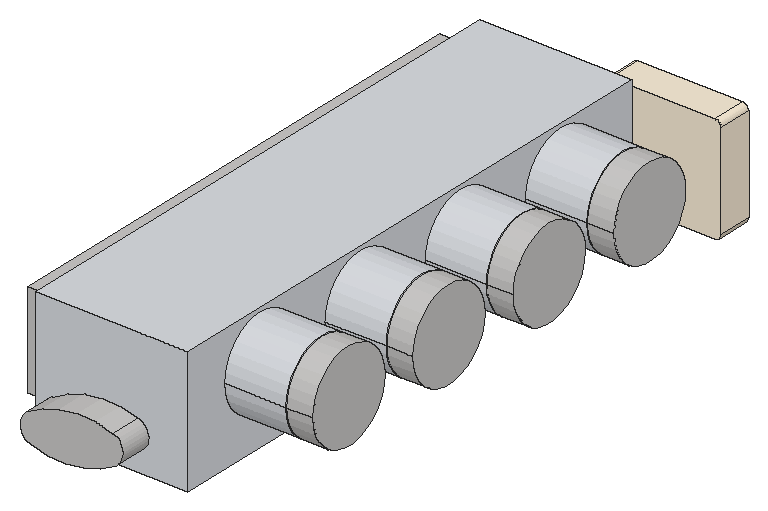
Revit family "HVAC_Ductwork_Airzone_Motorized-Plenum_LG_Low-Profile_4-Dampers", category Mechanical Equipment, Revit 2016
Family settings
  Part Type = Normal
  Round Connector Dimension = Use Diameter
  OmniClass Number = 23.75.70.14
  OmniClass Title = Air Ductwork
  Work Plane-Based = No
  Always vertical = Yes
  Cut with Voids When Loaded = No
  Shared = No
  Room Calculation Point = No
Parameters (values of type "LGESL01M4")
  Voltage = 230 V
  URL = "www.airzone.es"
  Type Image Comments = "Image available in product documentation download"  # constant formula
  Revit Model Version = "1.0"  # constant formula
  Revit Model Author URL = "www.a3d.es"
  Revit Model Author = "A3D Consulting"  # constant formula
  Product Documentation Download URL = "http://doc.airzone.es/BIM/Easyzone/LG-Airzone_motorized_plenum.zip"
  Product Comments = "Refer to technical documentation for further details"  # constant formula
  Power Factor = 1
  Neck Width = 863.600 mm
  Neck Length = 40.000 mm
  Neck Height = 158.600 mm
  Material = Metal - AIRZONE - Galvanized Sheet - Semi-polished
  Main Control Board Material = Plastic - AIRZONE - Smooth - Off-white
  Load Classification = Other
  Insulated Body Width = 255.000 mm  # constant formula
  Insulated Body Material = Metal -AIRZONE - Insulating Lining -Aluminum Finish
  Insulated Body Length = 930.000 mm  # constant formula
  Insulated Body Height = 210.000 mm  # constant formula
  Flow [instance] = Damper 4 Air Flow + Damper 3 Air Flow + Damper 2 Air Flow + Damper 1 Air Flow - Fresh Air Inlet 2 Flow - Fresh Air Inlet 1 Flow  # 1200 m³/h
  Fresh Air Inlet 1 Flow [instance] = 0 m³/h
  Fresh Air Inlet 2 Flow [instance] = 0 m³/h
  Fresh Air Inlet Connection Width = 175.000 mm
  Fresh Air Inlet Connection Height = 75.000 mm
  Model = "LGESL01M4"
  Neck Side Offset = 33.200 mm
  Neck Bottom Offset = 30.700 mm
  Type Image = <None>
  Manufacturer = "AIRZONE"  # constant formula
  Main Control Board Depth = 57.000 mm  # constant formula
  Main Control Board Width = 195.000 mm  # constant formula
  Main Control Board Height = 180.000 mm  # constant formula
  Fixing = ""
  Disclaimer = "All information provided in this model is reviewed before being published. However, Airzone cannot guarantee this model is error-free, therefore users are strongly encouraged to check for technical documentation and updates"  # constant formula
  Description = "Airzone low profile motorized plenum with neck that mechanically adapts to the main ducted AC units of LG."
  Type Comments = ""
  Dampers Length = 149.000 mm  # constant formula
  Dampers Diameter = 150.000 mm  # constant formula
  Damper 4 Air Flow [instance] = 300 m³/h
  Damper 1 Air Flow [instance] = 300 m³/h
  Damper 2 Air Flow [instance] = 300 m³/h
  Damper 3 Air Flow [instance] = 300 m³/h
  Fresh Air Inlet Connection Offset Height = 48.305 mm  # constant formula
  Compatible Accesories = ""
  Apparent Load = 57.5 VA
Reference planes
  plane 1 "Center (Front/Back)": y = 0
  plane 2 "Center (Elevation)": z = 0
  plane 3 "Center (Left/Right)": x = 0
  plane 4 "Neck Back": y = 431.8
  plane 5 "Neck Front": y = -431.8
  plane 6 "Neck Top": z = 79.3
  plane 7 "Neck Bottom": z = -79.3
  plane 8 "Left": x = 40
  plane 9 "Bottom": z = -110
  plane 10 "Top": z = 100
  plane 11 "Front": y = -465
  plane 12 "Back": y = 465
  plane 13 "Right": x = 295
  plane 14 "Dampers Front": x = 444
  plane 15 "Dampers Center (Elevation)": z = 20
  plane 16 "Damper3": y = -105
  plane 17 "Damper2": y = 105
  plane 18 "Damper1": y = 315
  plane 19 "Middle": y = 0
  plane 20 "FreshAir Center (Elevation)": z = -61.695
  plane 21 "FreshAir1": y = 517.5
  plane 22 "FreshAir2": y = -517.5
  plane 23 "Dampers Lining": x = 399
  plane 24 "FreshAir Vertical Axis": x = 142.04
  plane 25 "ConnectionBox Side": x = 249
  plane 26 "Main Control Board Center (Left/Right)": x = 346.5
  plane 27 "Damper4": y = -315
Forms (mm)
  Extrusion 1, solid, material "Metal - AIRZONE - Galvanized Sheet - Semi-polished" <- "Material"
    sketch origin (0, 0, 0) x (0, 1, 0) y (0, 0, 1)
      loop
        line (-431.8, 79.3) -> (-431.8, -79.3) -> (431.8, -79.3) -> (431.8, 79.3) -> (-431.8, 79.3)
    from 0 to 40
  Extrusion 2, solid, material "Metal -AIRZONE - Insulating Lining -Aluminum Finish" <- "Insulated Body Material"
    sketch origin (40, 0, 0) x (0, 1, 0) y (0, 0, 1)
      loop
        line (-465, 100) -> (-465, -110) -> (465, -110) -> (465, 100) -> (-465, 100)
    from 0 to 255
  Extrusion 3, solid, material "Metal - AIRZONE - Galvanized Sheet - Semi-polished" <- "Material"
    sketch origin (295, 0, 0) x (0, 1, 0) y (0, 0, 1)
      loop
        circle (-105, 20) r 75
    from 104 to 149
  Extrusion 4, solid, material "Metal - AIRZONE - Galvanized Sheet - Semi-polished" <- "Material"
    sketch origin (295, 0, 0) x (0, 1, 0) y (0, 0, 1)
      loop
        circle (105, 20) r 75
    from 104 to 149
  Extrusion 5, solid, material "Metal - AIRZONE - Galvanized Sheet - Semi-polished" <- "Material"
    sketch origin (295, 0, 0) x (0, 1, 0) y (0, 0, 1)
      loop
        circle (315, 20) r 75
    from 104 to 149
  Extrusion 6, solid, material "Metal - AIRZONE - Galvanized Sheet - Semi-polished" <- "Material"
    sketch origin (0, -465, 0) x (0, 0, 1) y (1, 0, 0)
      loop
        arc (-29.141, 211.414) -> (-50.608, 228.315) -> (-75.312, 216.644) r 25.96
        arc (-75.312, 216.644) -> (-101.302, 146.808) -> (-93.849, 72.666) r 164.67
        arc (-93.849, 72.666) -> (-72.665, 55.799) -> (-47.994, 66.961) r 25.96
        arc (-47.994, 66.961) -> (-21.725, 136.99) -> (-29.141, 211.414) r 164.67
    from 0 to -52.5
  Extrusion 7, solid, material "Metal - AIRZONE - Galvanized Sheet - Semi-polished" <- "Material"
    sketch origin (0, 465, 0) x (0, 0, 1) y (1, 0, 0)
      loop
        arc (-29.141, 211.414) -> (-50.325, 228.281) -> (-74.996, 217.119) r 25.96
        arc (-74.996, 217.119) -> (-101.179, 147.74) -> (-94.267, 73.909) r 164.67
        arc (-94.267, 73.909) -> (-73.032, 55.847) -> (-47.678, 67.436) r 25.96
        arc (-47.678, 67.436) -> (-21.688, 137.272) -> (-29.141, 211.414) r 164.67
    from 0 to 52.5
  Extrusion 8, solid, material "Metal -AIRZONE - Insulating Lining -Aluminum Finish" <- "Insulated Body Material"
    sketch origin (295, 0, 0) x (0, 1, 0) y (0, 0, 1)
      loop
        circle (315, 20) r 75
    from 0 to 104
  Extrusion 9, solid, material "Metal -AIRZONE - Insulating Lining -Aluminum Finish" <- "Insulated Body Material"
    sketch origin (295, -260, 0) x (0, 1, 0) y (0, 0, 1)
      loop
        circle (365, 20) r 75
    from 0 to 104
  Extrusion 10, solid, material "Metal -AIRZONE - Insulating Lining -Aluminum Finish" <- "Insulated Body Material"
    sketch origin (295, -520, 0) x (0, 1, 0) y (0, 0, 1)
      loop
        circle (415, 20) r 75
    from 0 to 104
  Extrusion 11, solid, material "Metal - AIRZONE - Galvanized Sheet - Semi-polished" <- "Material"
    sketch origin (295, -190, 0) x (0, 1, 0) y (0, 0, 1)
      loop
        circle (-125, 20) r 75
    from 104 to 149
  Extrusion 12, solid, material "Metal -AIRZONE - Insulating Lining -Aluminum Finish" <- "Insulated Body Material"
    sketch origin (295, -710, 0) x (0, 1, 0) y (0, 0, 1)
      loop
        circle (395, 20) r 75
    from 0 to 104
Lines and regions (mm)
  Masking region 1
    outline origin (0, 0, 0) x (1, 0, 0) y (0, 1, 0)
      loop
        line (40, 465) -> (40, -465) -> (295, -465) -> (295, 465) -> (40, 465)
  Masking region 2, detail levels medium+fine
    outline origin (0, 0, 0) x (1, 0, 0) y (0, 1, 0)
      loop
        line (0, 431.8) -> (0, -431.8) -> (40, -431.8) -> (40, 431.8) -> (0, 431.8)
  Masking region 3, detail levels medium+fine
    outline origin (0, 0, 0) x (1, 0, 0) y (0, 1, 0)
      loop
        line (295, -30) -> (295, -180) -> (444, -180) -> (444, -30) -> (295, -30)
  Masking region 4, detail levels medium+fine
    outline origin (0, 260, 0) x (1, 0, 0) y (0, 1, 0)
      loop
        line (295, -80) -> (295, -230) -> (444, -230) -> (444, -80) -> (295, -80)
  Masking region 5, detail levels medium+fine
    outline origin (0, 520, 0) x (1, 0, 0) y (0, 1, 0)
      loop
        line (295, -130) -> (295, -280) -> (444, -280) -> (444, -130) -> (295, -130)
  Masking region 6, detail levels medium+fine
    outline origin (0, 0, -61.695) x (1, 0, 0) y (0, 1, 0)
      loop
        line (54.54, 517.5) -> (54.54, 465) -> (229.54, 465) -> (229.54, 517.5) -> (54.54, 517.5)
  Masking region 7, detail levels medium+fine
    outline origin (0, 0, -61.695) x (1, 0, 0) y (0, 1, 0)
      loop
        line (54.54, -465) -> (54.54, -517.5) -> (229.54, -517.5) -> (229.54, -465) -> (54.54, -465)
  Masking region 8, detail levels medium+fine
    outline origin (0, 0, 100) x (0, -1, 0) y (1, 0, 0)
      loop
        line (-522, 249) -> (-465, 249) -> (-465, 444) -> (-522, 444) -> (-522, 249)
  Masking region 9, detail levels medium+fine
    outline origin (0, -190, 0) x (1, 0, 0) y (0, 1, 0)
      loop
        line (295, -50) -> (295, -200) -> (444, -200) -> (444, -50) -> (295, -50)
  symbolic lines, detail levels coarse
    curve 1: line (40, -465, 0) -> (295, 0, 0)
    curve 2: line (295, 0, 0) -> (40, 465, 0)
Dimensions and locks
  equal spacing: plane 4 "Neck Back", plane 1 "Center (Front/Back)", plane 5 "Neck Front"
  "Neck Width": plane 4 "Neck Back" to plane 5 "Neck Front"
  equal spacing: plane 6 "Neck Top", level, plane 7 "Neck Bottom"
  "Neck Height": plane 6 "Neck Top" to plane 7 "Neck Bottom"
  "Neck Length": plane 3 "Center (Left/Right)" to plane 8 "Left"
  "Neck Bottom Offset": plane 7 "Neck Bottom" to plane 9 "Bottom"
  "Insulated Body Height": plane 10 "Top" to plane 9 "Bottom"
  "Insulated Body Length": plane 12 "Back" to plane 11 "Front"
  "Insulated Body Width": plane 8 "Left" to plane 13 "Right"
  "Dampers Length": plane 13 "Right" to plane 14 "Dampers Front"
  equal spacing: plane 12 "Back", plane 19 "Middle", plane 11 "Front"
  plane 8 "Left" to plane 13 "Right" = 255.000 mm
  "Fresh Air Inlet Connection Offset Height": plane 20 "FreshAir Center (Elevation)" to plane 9 "Bottom"
  locked: Extrusion 6 sketch curve to plane 9 "Bottom" at 56.47
  locked: Extrusion 6 sketch curve to plane 8 "Left" at 162.52
  locked: Extrusion 6 sketch curve to plane 8 "Left" at 41.56
  locked: Extrusion 6 sketch curve to plane 9 "Bottom" at 40.54
  locked: Extrusion 6 sketch curve to plane 8 "Left" at 118.3
  locked: plane 9 "Bottom" to Extrusion 6 sketch curve at 75.01
  locked: Extrusion 6 sketch curve to plane 8 "Left" at 85.78
  locked: Extrusion 6 sketch curve to plane 9 "Bottom" at 172.02
  locked: Extrusion 7 sketch curve to plane 8 "Left" at 162.52
  locked: Extrusion 7 sketch curve to plane 9 "Bottom" at 56.47
  locked: Extrusion 7 sketch curve to plane 9 "Bottom" at 40.54
  locked: Extrusion 7 sketch curve to plane 8 "Left" at 41.56
  locked: Extrusion 7 sketch curve to plane 8 "Left" at 85.78
  locked: Extrusion 7 sketch curve to plane 9 "Bottom" at 172.02
  locked: plane 9 "Bottom" to Extrusion 7 sketch curve at 75.01
  locked: Extrusion 7 sketch curve to plane 8 "Left" at 118.3
  "Neck Side Offset": plane 12 "Back" to plane 4 "Neck Back"
  locked: plane 21 "FreshAir1" to plane 12 "Back" at 52.5
  plane 11 "Front" to plane 22 "FreshAir2" = 52.500 mm
  locked: plane 20 "FreshAir Center (Elevation)" to connector elem
  locked: connector elem to plane 20 "FreshAir Center (Elevation)"
  locked: plane 23 "Dampers Lining" to plane 14 "Dampers Front" at 45
  locked: plane 8 "Left" to plane 24 "FreshAir Vertical Axis" at 102.04
  equal spacing: Masking region 3 sketch curve, plane 16 "Damper3", Masking region 3 sketch curve
  "Dampers Diameter": Masking region 3 sketch curve to Masking region 3 sketch curve
  "Dampers Diameter": Masking region 4 sketch curve to Masking region 4 sketch curve
  equal spacing: Masking region 5 sketch curve, plane 18 "Damper1", Masking region 5 sketch curve
  "Dampers Diameter": Masking region 5 sketch curve to Masking region 5 sketch curve
  equal spacing: Masking region 6 sketch curve, plane 24 "FreshAir Vertical Axis", Masking region 6 sketch curve
  "Fresh Air Inlet Connection Width": Masking region 6 sketch curve to Masking region 6 sketch curve
  equal spacing: Masking region 7 sketch curve, plane 24 "FreshAir Vertical Axis", Masking region 7 sketch curve
  "Fresh Air Inlet Connection Width": Masking region 7 sketch curve to Masking region 7 sketch curve
  "Main Control Board Depth": Masking region 8 sketch curve to plane 12 "Back"
  "Main Control Board Width": plane 25 "ConnectionBox Side" to plane 14 "Dampers Front"
  equal spacing: plane 25 "ConnectionBox Side", plane 26 "Main Control Board Center (Left/Right)", plane 14 "Dampers Front"
  locked: nested 1 to plane 10 "Top" at 10
  equal spacing: Masking region 4 sketch curve, plane 17 "Damper2", Masking region 4 sketch curve
  equal spacing: Masking region 9 sketch curve, plane 27 "Damper4", Masking region 9 sketch curve
  "Dampers Diameter": Masking region 9 sketch curve to Masking region 9 sketch curve
  plane 18 "Damper1" to plane 17 "Damper2" to plane 16 "Damper3" to plane 27 "Damper4" = 210.000 mm locked, 210.000 mm locked, 210.000 mm locked
  locked: plane 17 "Damper2" to plane 19 "Middle" at 105
  locked: plane 24 "FreshAir Vertical Axis" to connector elem
  locked: connector elem to plane 24 "FreshAir Vertical Axis"
  locked: plane 10 "Top" to plane 15 "Dampers Center (Elevation)" at 80
  "Dampers Diameter": diameter of Extrusion 3 sketch curve
  "Dampers Diameter": diameter of Extrusion 4 sketch curve
  "Dampers Diameter": diameter of Extrusion 5 sketch curve
  radius of Extrusion 7 sketch curve = 164.670 mm  (x2)
  radius of Extrusion 7 sketch curve = 25.960 mm  (x2)
  radius of Extrusion 6 sketch curve = 164.670 mm  (x2)
  radius of Extrusion 6 sketch curve = 25.960 mm  (x2)
  "Dampers Diameter": diameter of Extrusion 8 sketch curve
  "Dampers Diameter": diameter of Extrusion 9 sketch curve
  "Dampers Diameter": diameter of Extrusion 10 sketch curve
  "Dampers Diameter": diameter of Extrusion 11 sketch curve
  "Dampers Diameter": diameter of Extrusion 12 sketch curve
  aligned and locked: level to plane 2 "Center (Elevation)"
  aligned and locked: plane 5 "Neck Front" to Extrusion 1 sketch curve
  aligned and locked: Extrusion 1 sketch curve to plane 6 "Neck Top"
  aligned and locked: Extrusion 1 sketch curve to plane 4 "Neck Back"
  aligned and locked: plane 7 "Neck Bottom" to Extrusion 1 sketch curve
  aligned and locked: Extrusion 1 to plane 3 "Center (Left/Right)"
  aligned and locked: Extrusion 2 sketch curve to plane 10 "Top"
  aligned and locked: Extrusion 2 sketch curve to plane 12 "Back"
  aligned and locked: plane 9 "Bottom" to Extrusion 2 sketch curve
  aligned and locked: plane 11 "Front" to Extrusion 2 sketch curve
  aligned and locked: plane 13 "Right" to Extrusion 2
  aligned and locked: Extrusion 2 to plane 8 "Left"
  aligned and locked: plane 16 "Damper3" to Extrusion 3 sketch curve
  aligned and locked: plane 15 "Dampers Center (Elevation)" to Extrusion 3 sketch curve
  aligned and locked: plane 15 "Dampers Center (Elevation)" to Extrusion 4 sketch curve
  aligned and locked: plane 18 "Damper1" to Extrusion 5 sketch curve
  aligned and locked: plane 15 "Dampers Center (Elevation)" to Extrusion 5 sketch curve
  aligned and locked: plane 14 "Dampers Front" to Extrusion 5
  aligned and locked: plane 14 "Dampers Front" to Extrusion 4
  aligned and locked: plane 14 "Dampers Front" to Extrusion 3
  aligned and locked: plane 8 "Left" to Extrusion 1
  aligned and locked: plane 22 "FreshAir2" to Extrusion 6
  aligned and locked: plane 21 "FreshAir1" to Extrusion 7
  aligned and locked: Extrusion 7 to plane 12 "Back"
  aligned and locked: plane 11 "Front" to Extrusion 6
  aligned and locked: Extrusion 5 to plane 23 "Dampers Lining"
  aligned and locked: Extrusion 5 to Extrusion 4
  aligned and locked: Extrusion 4 to Extrusion 3
  aligned and locked: plane 23 "Dampers Lining" to Extrusion 8
  aligned and locked: Extrusion 10 to plane 13 "Right"
  aligned and locked: plane 23 "Dampers Lining" to Extrusion 10
  aligned and locked: Extrusion 9 to plane 13 "Right"
  aligned and locked: plane 23 "Dampers Lining" to Extrusion 9
  aligned and locked: Extrusion 8 to plane 13 "Right"
  aligned and locked: Extrusion 9 to Extrusion 8
  aligned and locked: plane 18 "Damper1" to Extrusion 8 sketch curve
  aligned and locked: plane 15 "Dampers Center (Elevation)" to Extrusion 8 sketch curve
  aligned and locked: plane 15 "Dampers Center (Elevation)" to Extrusion 9 sketch curve
  aligned and locked: plane 16 "Damper3" to Extrusion 10 sketch curve
  aligned and locked: plane 15 "Dampers Center (Elevation)" to Extrusion 10 sketch curve
  aligned and locked: Masking region 1 sketch curve to plane 12 "Back"
  aligned and locked: plane 8 "Left" to Masking region 1 sketch curve
  aligned and locked: Masking region 1 sketch curve to plane 13 "Right"
  aligned and locked: plane 11 "Front" to Masking region 1 sketch curve
  aligned and locked: plane 5 "Neck Front" to Masking region 2 sketch curve
  aligned and locked: plane 3 "Center (Left/Right)" to Masking region 2 sketch curve
  aligned and locked: Masking region 2 sketch curve to plane 4 "Neck Back"
  aligned and locked: Masking region 2 sketch curve to plane 8 "Left"
  aligned and locked: plane 13 "Right" to Masking region 3 sketch curve
  aligned and locked: Masking region 3 sketch curve to plane 14 "Dampers Front"
  aligned and locked: plane 13 "Right" to Masking region 4 sketch curve
  aligned and locked: Masking region 4 sketch curve to plane 14 "Dampers Front"
  aligned and locked: plane 13 "Right" to Masking region 5 sketch curve
  aligned and locked: Masking region 5 sketch curve to plane 14 "Dampers Front"
  aligned and locked: plane 12 "Back" to Masking region 6 sketch curve
  aligned and locked: Masking region 6 sketch curve to plane 21 "FreshAir1"
  aligned and locked: Masking region 7 sketch curve to plane 11 "Front"
  aligned and locked: Masking region 7 sketch curve to plane 22 "FreshAir2"
  aligned and locked: plane 12 "Back" to Masking region 8 sketch curve
  aligned and locked: Masking region 8 sketch curve to plane 14 "Dampers Front"
  aligned and locked: plane 25 "ConnectionBox Side" to Masking region 8 sketch curve
  aligned and locked: plane 17 "Damper2" to Extrusion 9 sketch curve
  aligned and locked: plane 17 "Damper2" to Extrusion 4 sketch curve
  aligned and locked: Masking region 9 sketch curve to plane 14 "Dampers Front"
  aligned and locked: plane 13 "Right" to Masking region 9 sketch curve
  aligned and locked: Extrusion 12 to plane 13 "Right"
  aligned and locked: plane 23 "Dampers Lining" to Extrusion 12
  aligned and locked: Extrusion 11 to plane 23 "Dampers Lining"
  aligned and locked: plane 14 "Dampers Front" to Extrusion 11
  aligned and locked: plane 15 "Dampers Center (Elevation)" to Extrusion 12 sketch curve
  aligned and locked: plane 27 "Damper4" to Extrusion 12 sketch curve
  aligned and locked: plane 15 "Dampers Center (Elevation)" to Extrusion 11 sketch curve
  aligned and locked: plane 27 "Damper4" to Extrusion 11 sketch curve
  aligned and locked: nested 1 to plane 26 "Main Control Board Center (Left/Right)"
Automatic sketch dimensions
  curve 2 to plane 8 "Left" = 0.000 mm
  curve 1 to plane 8 "Left" = 0.000 mm
  curve 2 to plane 13 "Right" = 0.000 mm
  curve 1 to plane 11 "Front" = 0.000 mm
  curve 2 to plane 19 "Middle" = 0.000 mm
  curve 2 to plane 12 "Back" = 0.000 mm
Nested families
  nested 1: "Airzone_Main-Control-Board" at (346.5, 465, 0) x (-1, 0, 0) z (0, 1, 0), Extrusion <- "Main Control Board Depth", Height <- "Main Control Board Height", Width <- "Main Control Board Width", Material <- "Main Control Board Material", type "Standard"
    with Width 195.000 mm, Material Plastic - AIRZONE - Smooth - Off-white, Height 180.000 mm, Extrusion 57.000 mm
Connectors
  hvac at (444, -105, 20), driven by "Damper 3 Air Flow", driven by "Dampers Diameter"
    settings: on Extrusion 3, index 1, duct flow 300 m³/h, flow factor 0, pres drop 0.0 Pa, loss coef 0, conn angle 0.00°, conn width 304.8 mm, conn height 304.8 mm, conn diameter 150 mm, duct sys type 1, conn prof type 0, flow config 0, flow direction 2, loss method 0, conn ref index -1, conn util no, is conn primary no, conn desc "Supply Air Out 3"
  hvac at (444, 105, 20), driven by "Damper 2 Air Flow", driven by "Dampers Diameter"
    settings: on Extrusion 4, index 2, duct flow 300 m³/h, flow factor 0, pres drop 0.0 Pa, loss coef 0, conn angle 0.00°, conn width 304.8 mm, conn height 304.8 mm, conn diameter 150 mm, duct sys type 1, conn prof type 0, flow config 0, flow direction 2, loss method 0, conn ref index -1, conn util no, is conn primary no, conn desc "Supply Air Out 2"
  hvac at (444, 315, 20), driven by "Damper 1 Air Flow", driven by "Dampers Diameter"
    settings: on Extrusion 5, index 3, duct flow 300 m³/h, flow factor 0, pres drop 0.0 Pa, loss coef 0, conn angle 0.00°, conn width 304.8 mm, conn height 304.8 mm, conn diameter 150 mm, duct sys type 1, conn prof type 0, flow config 0, flow direction 2, loss method 0, conn ref index -1, conn util no, is conn primary no, conn desc "Supply Air Out 1"
  hvac at (0, 0, 0), driven by "Flow", driven by "Neck Height", driven by "Neck Width"
    settings: on Extrusion 1, index 6, duct flow 1200 m³/h, flow factor 0, pres drop 0.0 Pa, loss coef 0, conn angle 0.00°, conn width 863.6 mm, conn height 158.6 mm, conn diameter 609.6 mm, duct sys type 1, conn prof type 1, flow config 1, flow direction 1, loss method 0, conn ref index -1, conn util no, is conn primary yes, conn desc "Supply Air In"
  hvac at (142.04, -517.5, -61.695), driven by "Fresh Air Inlet 2 Flow", driven by "Fresh Air Inlet Connection Width", driven by "Fresh Air Inlet Connection Height"
    settings: index 7, duct flow 0 m³/h, flow factor 0, pres drop 0.0 Pa, loss coef 0, conn angle 0.00°, conn width 175 mm, conn height 75 mm, conn diameter 609.6 mm, duct sys type 1, conn prof type 2, flow config 1, flow direction 1, loss method 0, conn ref index -1, conn util no, is conn primary no, conn desc "Fresh Air In 2"
  hvac at (142.04, 517.5, -61.695), driven by "Fresh Air Inlet 1 Flow", driven by "Fresh Air Inlet Connection Height", driven by "Fresh Air Inlet Connection Width"
    settings: index 8, duct flow 0 m³/h, flow factor 0, pres drop 0.0 Pa, loss coef 0, conn angle 0.00°, conn width 175 mm, conn height 75 mm, conn diameter 609.6 mm, duct sys type 1, conn prof type 2, flow config 1, flow direction 1, loss method 0, conn ref index -1, conn util no, is conn primary no, conn desc "Fresh Air In 1"
  hvac at (444, -315, 20), driven by "Damper 4 Air Flow", driven by "Dampers Diameter"
    settings: on Extrusion 11, index 9, duct flow 300 m³/h, flow factor 0, pres drop 0.0 Pa, loss coef 0, conn angle 0.00°, conn width 304.8 mm, conn height 304.8 mm, conn diameter 150 mm, duct sys type 1, conn prof type 0, flow config 0, flow direction 2, loss method 0, conn ref index -1, conn util no, is conn primary no, conn desc "Supply Air Out 4"
  electrical at (346.5, 522, 0), driven by "Load Classification", driven by "Voltage", driven by "Apparent Load", driven by "Power Factor"
    settings: on nested 1, index 10, voltage 230 V, apparent load 57.5 VA, apparent load phase1 0 VA, apparent load phase2 0 VA, apparent load phase3 0 VA, power factor 1, load classification "Other", number of poles 1, system type 30, power factor state 1, is connector primary yes, connector utility no, sub classification motor no, connector description "Power Supply"
Definition of nested family "Airzone_Main-Control-Board"
  Parameters (values of type "Standard")
    Width [instance] = 195.000 mm
    URL = "www.airzone.es"
    Revit Model Version = "1.0"  # constant formula
    Revit Model Author URL = "www.a3d.es"
    Revit Model Author = "A3D Consulting"  # constant formula
    Material [instance] = none
    Manufacturer = "AIRZONE"  # constant formula
    Height [instance] = 180.000 mm
    Extrusion [instance] = 57.000 mm
    Default Elevation = 0.000 mm
  Reference planes
    plane 1 "Center (Front/Back)": y = 0
    plane 2: z = 0
    plane 3 "Center (Left/Right)": x = 0
    plane 4: y = 90
    plane 5: y = -90
    plane 6: x = 97.5
    plane 7: x = -97.5
  Forms (mm)
    Extrusion 1, solid, material <- "Material"
      sketch origin (0, 0, 0) x (1, 0, 0) y (0, 1, 0)
        loop
          arc (-87.5, 90) -> (-94.571, 87.071) -> (-97.5, 80) r 10
          line (-97.5, 80) -> (-97.5, -80)
          arc (-97.5, -80) -> (-94.571, -87.071) -> (-87.5, -90) r 10
          line (-87.5, -90) -> (87.5, -90)
          arc (87.5, -90) -> (94.571, -87.071) -> (97.5, -80) r 10
          line (97.5, -80) -> (97.5, 80)
          arc (97.5, 80) -> (94.571, 87.071) -> (87.5, 90) r 10
          line (87.5, 90) -> (-87.5, 90)
      from 0 to 57 <- "Extrusion"
  Dimensions and locks
    equal spacing: plane 7, plane 3 "Center (Left/Right)", plane 6
    equal spacing: plane 4, plane 1 "Center (Front/Back)", plane 5
    "Width": plane 7 to plane 6
    "Height": plane 4 to plane 5
    radius of Extrusion 1 sketch curve = 10.000 mm  (x4)
    aligned and locked: level to plane 2
    aligned and locked: plane 5 to Extrusion 1 sketch curve
    aligned and locked: Extrusion 1 sketch curve to plane 6
    aligned and locked: Extrusion 1 sketch curve to plane 4
    aligned and locked: plane 7 to Extrusion 1 sketch curve
